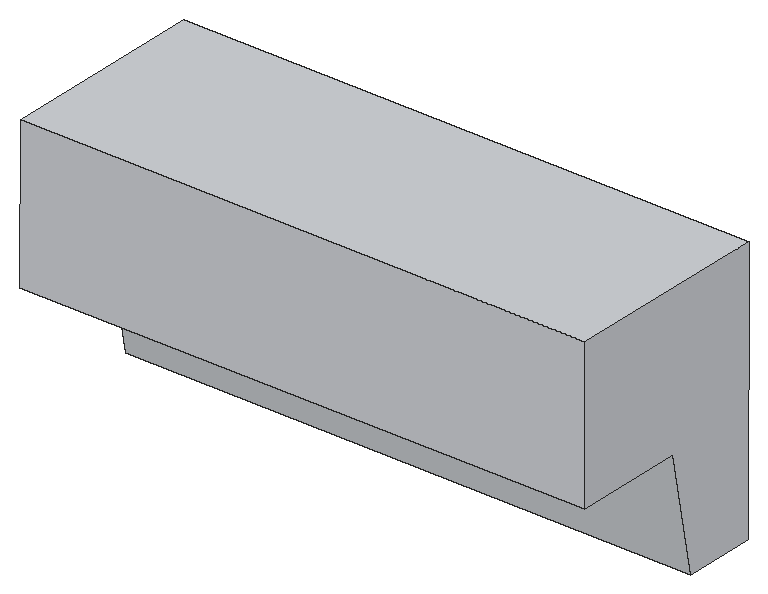
Revit family "M_Cortina de ar - Aquecida eletricamente", category Equipamento mecânico, Revit 2019
Family settings
  Cota do conector redondo = Utilizar diâmetro
  Tipo de parte = Normal
  Número OmniClass = 23.75.70.21.17
  Título OmniClass = Air Curtains
  ID de item do Seek = Air Curtain - Electric-Heated-0000-CAN-ENU
  Com base no plano de trabalho = Não
  Sempre na vertical = Sim
  Corte com vazios quando carregada = Não
  Compartilhado = Não
  Ponto de cálculo do ambiente = Não
Parameters (values of type "0-1260 LPS")
  Voltagem = 208 V
  Número de pólos = 3
  Classificação de carga = Aquecimento
  Carga aparente = 12000 VA
  Material da cortina de ar = none
  Comprimento da cortina de ar = 914 mm
Types (4, lengths in mm): name | Carga aparente | Material da cortina de ar | Comprimento da cortina de ar
  (no name) | 12000 VA | none | 914
  0-1260 LPS | 12000 VA | none | 914
  1261-2129 LPS | 18000 VA | none | 1219
  2129-2644 LPS | 24000 VA | Padrão | 1524
Reference planes
  plane 1 "Centro (Frente/Trás)": y = 0
  plane 2: z = 0
  plane 3 "Centro (Esquerda/Direita)": x = 0
  plane 4: x = 914
  plane 5: z = 431.8
  plane 6: y = 330.2
  plane 7: z = 188.913
  plane 8: y = 177.8
  plane 9: y = 214.312
  plane 10: z = 265.113
  plane 11: y = 76.2
Forms (mm)
  Extrusion 1, solid, material <- "Material da cortina de ar"
    sketch origin (0, 0, 0) x (0, 1, 0) y (0, 0, 1)
      loop
        line (330.2, 431.8) -> (0, 431.8) -> (0, 188.913) -> (177.8, 188.913) -> (214.312, 0) -> (330.2, 0) -> (330.2, 431.8)
    from 0 to 914
  Extrusion 2, solid, material <- "Material da cortina de ar"
    sketch origin (0, 0, 0) x (0, 1, 0) y (0, 0, 1)
      loop
        circle (76.2, 265.113) r 19.05
    from 0 to 19.332
Cuts and joins
  joined: Extrusion 1, Extrusion 2
Lines and regions (mm)
  model lines
    curve 1: line (20.638, 0, 411.163) -> (893.363, 0, 411.163)
    curve 2: line (20.638, 0, 209.55) -> (20.638, 0, 411.163)
    curve 3: line (893.363, 0, 209.55) -> (20.638, 0, 209.55)
    curve 4: line (893.363, 0, 411.163) -> (893.363, 0, 209.55)
    curve 5: line (20.638, 0, 234.752) -> (893.363, 0, 234.752)
    curve 6: line (20.638, 0, 385.961) -> (893.363, 0, 385.961)
    curve 7: line (20.638, 0, 360.759) -> (893.363, 0, 360.759)
    curve 8: line (20.638, 0, 335.558) -> (893.363, 0, 335.558)
    curve 9: line (20.638, 0, 310.356) -> (893.363, 0, 310.356)
    curve 10: line (20.638, 0, 285.155) -> (893.363, 0, 285.155)
    curve 11: line (20.638, 0, 259.953) -> (893.363, 0, 259.953)
Dimensions and locks
  "Comprimento da cortina de ar": plane 3 "Centro (Esquerda/Direita)" to plane 4
  locked: plane 2 to plane 5 at 431.8
  locked: plane 6 to plane 1 "Centro (Frente/Trás)" at 330.2
  locked: plane 5 to plane 7 at 242.888
  locked: plane 8 to plane 1 "Centro (Frente/Trás)" at 177.8
  locked: plane 6 to plane 9 at 115.887
  locked: plane 10 to plane 7 at 76.2
  locked: plane 11 to plane 1 "Centro (Frente/Trás)" at 76.2
  locked: Extrusion 2 to Extrusion 2 at 19.332
  locked: curve 2 to plane 3 "Centro (Esquerda/Direita)" at 20.638
  locked: plane 5 to curve 1 at 20.637
  locked: curve 4 to plane 4 at 20.638
  locked: curve 3 to plane 7 at 20.638
  equal spacing: curve 1, curve 6, curve 7, curve 8, curve 9, curve 10, curve 11, curve 5, curve 3
  radius of Extrusion 2 sketch curve = 19.05 mm
  aligned and locked: plane 2 to Extrusion 1 sketch curve
  aligned and locked: Extrusion 1 sketch curve to plane 6
  aligned and locked: plane 7 to Extrusion 1 sketch curve
  aligned and locked: plane 5 to Extrusion 1 sketch curve
  aligned and locked: Extrusion 1 sketch curve to plane 1 "Centro (Frente/Trás)"
  aligned and locked: plane 8 to Extrusion 1 sketch curve
  aligned and locked: Extrusion 1 to plane 4
  aligned and locked: Extrusion 1 to plane 3 "Centro (Esquerda/Direita)"
  aligned and locked: plane 10 to Extrusion 2 sketch curve
  aligned and locked: plane 11 to Extrusion 2 sketch curve
  aligned and locked: Extrusion 2 to plane 3 "Centro (Esquerda/Direita)"
Automatic sketch dimensions
  Extrusion 1 sketch curve to plane 9 = 0 mm
Connectors
  electrical at (0, 76.2, 265.113), driven by "Carga aparente", driven by "Voltagem", driven by "Número de pólos", driven by "Classificação de carga"
    settings: on Extrusion 2, index 3, voltage 208 V, apparent load 12000 VA, apparent load phase1 0 VA, apparent load phase2 0 VA, apparent load phase3 0 VA, power factor 0.8, load classification "Aquecimento", number of poles 3, system type 30, power factor state 1, is connector primary yes, connector utility no, sub classification motor no, connector description ""
